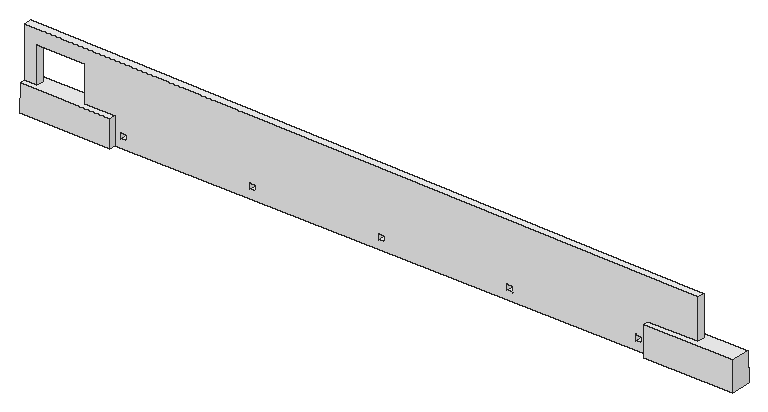
Revit family "Viga_Con_Mestra_Bloco", category Structural Framing, Revit 2020
Family settings
  Display in Hidden Views = Edges Hidden by Other Members
  Structural Framing Length Roundoff = 0.000 m
  Section Shape = Not Defined
  Material for Model Behavior = Concrete
  Always export as geometry = No
  OmniClass Number = 23.25.30.11.14.14
  OmniClass Title = Beams
  Always vertical = Yes
  Cut with Voids When Loaded = No
  Symbolic Representation = From Family
  Shared = No
  Show family pre-cut in plan views = Yes
Parameters (values of type "Viga_012x130_CON_BLC_MST_C")
  Structural Material [instance] = CT_Concreto
  Material_Vigas = CT_Concreto
  H2 [instance] = 1.140 m
  Comprimento_Modulo [instance] = 7.480 m
  Assembly Code = ""
  Length [instance] = 11.920 m
  b = 0.120 m
  h = 1.300 m
Types (2): name
  Viga_012x130_CON_BLC_MST_C
  Viga_012x130_CON_BLC_MST
Reference planes (m)
  plane 1 "Center (Front/Back)": y = 0
  plane 2: z = 0
  plane 3 "Center (Left/Right)": x = 5.20261
  plane 4: y = 0.06
  plane 5: y = -0.06
  plane 6: z = 1.3
  plane 7 "Left": x = -0.75739
  plane 8 "Right": x = 11.16261
  plane 9: z = 1.14
Forms (m)
  Extrusion 1, solid, material "CT_Concreto" <- "Material_Vigas"
    sketch origin (0, 0, 0) x (1, 0, 0) y (0, 0, 1)
      loop
        line (-0.75739, 1.3) -> (-0.75739, 0) -> (11.16261, 0) -> (11.16261, 0.490017) -> (10.49261, 0.490017) -> (10.49261, 1.148993) -> (-0.75739, 1.3)
      loop
        line (-0.55739, 0.45) -> (0.24261, 0.45) -> (0.24261, 1.05) -> (-0.55739, 1.05) -> (-0.55739, 0.45)
      loop
        line (0.84261, 0.135833) -> (0.94261, 0.135833) -> (0.94261, 0.235833) -> (0.84261, 0.235833) -> (0.84261, 0.135833)
      loop
        line (5.15261, 0.135833) -> (5.25261, 0.135833) -> (5.25261, 0.235833) -> (5.15261, 0.235833) -> (5.15261, 0.135833)
      loop
        line (9.56261, 0.135833) -> (9.56261, 0.235833) -> (9.46261, 0.235833) -> (9.46261, 0.135833) -> (9.56261, 0.135833)
      loop
        line (2.99761, 0.135833) -> (3.09761, 0.135833) -> (3.09761, 0.235833) -> (2.99761, 0.235833) -> (2.99761, 0.135833)
      loop
        line (7.40761, 0.135833) -> (7.40761, 0.235833) -> (7.30761, 0.235833) -> (7.30761, 0.135833) -> (7.40761, 0.135833)
    from -0.06 to 0.06
  Extrusion 2, solid, material "CT_Concreto" <- "Material_Vigas"
    sketch origin (-0.06, -0.141258, 0) x (1, 0, 0) y (0, 1, 0)
      loop
        line (11.22261, 0.301258) -> (9.72261, 0.301258) -> (9.72261, -0.018742) -> (11.22261, -0.018742) -> (11.22261, 0.301258)
    from 0 to 0.490017
  Extrusion 3, solid, material "CT_Concreto" <- "Material_Vigas"
    sketch origin (10.46522, -0.141258, 0) x (-1, 0, 0) y (0, -1, 0)
      loop
        line (11.22261, -0.301258) -> (11.22261, 0.018742) -> (9.72261, 0.018742) -> (9.72261, -0.301258) -> (11.22261, -0.301258)
    from 0 to 0.45
Cuts and joins
  joined: Extrusion 1, Extrusion 2, Extrusion 3
Dimensions and locks (m)
  "b": plane 4 to plane 5
  plane 2 to plane 6 = 1.300 m
  equal spacing: plane 4, plane 1 "Center (Front/Back)", plane 5
  "Length": plane 7 "Left" to plane 8 "Right"
  plane 7 "Left" to plane 8 "Right" = 11.920 m
  equal spacing: plane 7 "Left", plane 3 "Center (Left/Right)", plane 8 "Right"
  "h": plane 6 to plane 2
  "H2": plane 9 to level
  Extrusion 2 to Extrusion 1 to Extrusion 1 to Extrusion 2 = 0.100 m, 0.120 m, 0.100 m
  equal spacing: Extrusion 2, plane 1 "Center (Front/Back)", Extrusion 2
  Extrusion 3 to Extrusion 3 = 0.320 m
  Extrusion 2 to Extrusion 2 = 0.490017 m
  aligned and locked: Extrusion 1 to plane 4
  aligned and locked: Extrusion 1 to plane 5
  aligned and locked: Extrusion 1 sketch curve to level
  aligned and locked: Extrusion 2 to plane 8 "Right"
Automatic sketch dimensions
  plane 7 "Left" to Extrusion 1 sketch curve = 0.000 m
  plane 8 "Right" to Extrusion 1 sketch curve = 0.000 m
  Extrusion 1 sketch curve to plane 6 = 0.000 m
  Extrusion 1 sketch curve to plane 7 "Left" = 0.200 m
  Extrusion 1 sketch curve to Extrusion 1 sketch curve = 0.800 m
  level to Extrusion 1 sketch curve = 0.135833 m  (x3)
  Extrusion 1 sketch curve to Extrusion 1 sketch curve = 0.600 m
  Extrusion 1 sketch curve to Extrusion 1 sketch curve = 0.100 m  (x9)
  level to Extrusion 1 sketch curve = 0.235833 m  (x2)
  Extrusion 1 sketch curve to Extrusion 1 sketch curve = 2.055 m  (x2)
  Extrusion 1 sketch curve to plane 3 "Center (Left/Right)" = 0.050 m
  plane 3 "Center (Left/Right)" to Extrusion 1 sketch curve = 0.050 m
  plane 8 "Right" to Extrusion 1 sketch curve = 1.700 m
  Extrusion 1 sketch curve to plane 9 = 0.008993 m
  plane 8 "Right" to Extrusion 1 sketch curve = 0.670 m
  level to Extrusion 1 sketch curve = 0.450 m
  level to Extrusion 1 sketch curve = 0.490017 m
  plane 9 to Extrusion 1 sketch curve = 0.090 m
  Extrusion 2 sketch curve to plane 8 "Right" = 0.000 m
  Extrusion 2 sketch curve to plane 5 = 0.100 m
  plane 8 "Right" to Extrusion 2 sketch curve = 1.500 m
  plane 4 to Extrusion 2 sketch curve = 0.100 m
  Extrusion 3 sketch curve to plane 7 "Left" = 0.000 m
  plane 5 to Extrusion 3 sketch curve = 0.100 m
  Extrusion 3 sketch curve to Extrusion 3 sketch curve = 1.500 m
  Extrusion 3 sketch curve to plane 4 = 0.100 m
